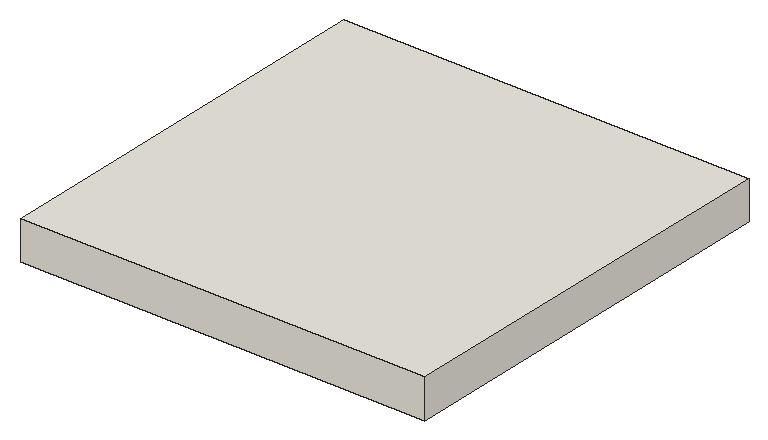
Revit family "UNIVERSAL", category Осветительные приборы, Revit 2019 (continued)
Types (12, lengths in mm): name | Файл фотометрической сетки | built-in parameter 1150105 | Lumens | built-in parameter 1150106 | built-in parameter 1150142 | Wattage | Emit from Rectangle Width | Emit from Rectangle Length | Длина | Ширина | ADSK_Ток | ADSK_Полная мощность | ADSK_Обозначение | ADSK_Номинальная мощность | ADSK_Наименование | ADSK_Код изделия
  CSVT Universal - 38/opal-sand 295х1195х55 (IP20, 4000К) | "Светильник UNIVERSAL-38 OPAL-SAND-(295x1195).IES" | 262.61 (stored number, unit not read) | 3300 lm | 2.6261 (stored number, unit not read) | "IESNA:LM-63-95\r\n[TEST] Протокол №81\r\n[DATA] 27.06.2016\r\n[MORE] \r\n[MANUFAC] ЗАО \"Центрстройсвет\"\r\n[LUMCAT]  Светильник UNIVERSAL-38/OPAL-SAND-(295x1195)\r\n[LUMINAIRE]\r\n[LAMPCAT] Светодиоды\r\n[LAMP] Поток источника света (светодиодов) не известен\r\n[MORE] КСС приведена в абсолютных величинах кд\r\n[MORE] Вместо потока лампы, указан поток светильника.\r\nTILT=NONE\r\n1    3220 1.0 37 73 1 2 0.295 1.195 0.055\r\n1.0 1.0 39.2\r\n0.0 5.0 10.0 15.0 20.0 25.0 30.0 35.0 40.0 45.0 50.0 55.0 60.0 65.0 70.0 75.0 80.0 85.0 90.0 95.0 100.0 105.0 110.0 115.0 120.0 125.0 130.0 135.0 140.0 145.0 150.0 155.0 160.0 165.0 170.0 175.0 180.0\r\n0.0 5.0 10.0 15.0 20.0 25.0 30.0 35.0 40.0 45.0 50.0 55.0 60.0 65.0 70.0 75.0 80.0 85.0 90.0 95.0 100.0 105.0 110.0 115.0 120.0 125.0 130.0 135.0 140.0 145.0 150.0 155.0 160.0 165.0 170.0 175.0 180.0 185.0 190.0 195.0 200.0 205.0 210.0 215.0 220.0 225.0 230.0 235.0 240.0 245.0 250.0 255.0 260.0 265.0 270.0 275.0 280.0 285.0 290.0 295.0 300.0 305.0 310.0 315.0 320.0 325.0 330.0 335.0 340.0 345.0 350.0 355.0 360.0\r\n1647.4 1638.8 1614.3 1555.5 1470.5 1340.8 1159.6 958.0 774.8 621.4 490.1 380.8 296.3 243.7 198.4 138.1 73.9 31.1 2.5 0.0 0.0 0.0 0.0 0.0 0.0 0.0 0.0 0.0 0.0 0.0 0.0 0.0 0.0 0.0 0.0 0.0 0.0\r\n1647.4 1640.3 1614.2 1556.9 1476.4 1341.1 1165.5 951.8 774.0 624.8 496.3 383.8 299.9 244.5 196.9 141.1 76.2 30.8 2.5 0.0 0.0 0.0 0.0 0.0 0.0 0.0 0.0 0.0 0.0 0.0 0.0 0.0 0.0 0.0 0.0 0.0 0.0\r\n1647.4 1641.7 1613.4 1560.2 1476.2 1345.9 1167.0 958.1 776.0 627.0 496.4 381.8 301.4 240.8 187.3 139.8 79.0 30.1 2.6 0.0 0.0 0.0 0.0 0.0 0.0 0.0 0.0 0.0 0.0 0.0 0.0 0.0 0.0 0.0 0.0 0.0 0.0\r\n1647.4 1643.3 1613.4 1561.4 1481.0 1344.9 1167.2 965.2 777.9 624.2 491.5 380.8 300.6 238.3 186.3 138.8 78.3 29.7 2.7 0.0 0.0 0.0 0.0 0.0 0.0 0.0 0.0 0.0 0.0 0.0 0.0 0.0 0.0 0.0 0.0 0.0 0.0\r\n1647.4 1645.3 1616.7 1562.5 1482.3 1352.0 1177.9 967.8 787.4 632.8 498.3 385.2 299.1 234.7 189.7 141.1 75.9 28.6 2.7 0.0 0.0 0.0 0.0 0.0 0.0 0.0 0.0 0.0 0.0 0.0 0.0 0.0 0.0 0.0 0.0 0.0 0.0\r\n1647.4 1646.8 1617.7 1562.3 1486.4 1357.6 1187.4 982.2 799.4 643.9 505.2 387.8 297.8 233.1 193.5 145.9 75.5 26.5 2.6 0.0 0.0 0.0 0.0 0.0 0.0 0.0 0.0 0.0 0.0 0.0 0.0 0.0 0.0 0.0 0.0 0.0 0.0\r\n1647.4 1646.5 1616.1 1569.3 1485.6 1369.9 1195.1 1005.7 814.6 658.0 512.6 389.3 298.6 237.4 195.2 144.6 73.9 24.6 2.5 0.0 0.0 0.0 0.0 0.0 0.0 0.0 0.0 0.0 0.0 0.0 0.0 0.0 0.0 0.0 0.0 0.0 0.0\r\n1647.4 1645.1 1617.9 1576.8 1496.2 1370.7 1209.1 1020.7 832.7 671.0 527.6 395.7 302.2 231.8 188.7 140.0 73.2 24.0 2.5 0.0 0.0 0.0 0.0 0.0 0.0 0.0 0.0 0.0 0.0 0.0 0.0 0.0 0.0 0.0 0.0 0.0 0.0\r\n1647.4 1644.2 1619.9 1578.6 1497.6 1383.6 1225.6 1034.1 844.8 683.7 540.6 407.6 307.7 231.0 184.7 133.5 72.6 24.0 2.4 0.0 0.0 0.0 0.0 0.0 0.0 0.0 0.0 0.0 0.0 0.0 0.0 0.0 0.0 0.0 0.0 0.0 0.0\r\n1647.4 1644.2 1622.1 1576.3 1499.8 1392.3 1237.4 1050.9 862.8 698.1 549.9 420.8 316.3 236.6 187.2 134.2 73.7 24.4 2.5 0.0 0.0 0.0 0.0 0.0 0.0 0.0 0.0 0.0 0.0 0.0 0.0 0.0 0.0 0.0 0.0 0.0 0.0\r\n1647.4 1644.4 1622.4 1580.2 1510.8 1406.0 1252.6 1070.7 877.6 711.6 561.5 429.6 327.3 240.9 192.5 140.4 77.2 26.0 2.6 0.0 0.0 0.0 0.0 0.0 0.0 0.0 0.0 0.0 0.0 0.0 0.0 0.0 0.0 0.0 0.0 0.0 0.0\r\n1647.4 1644.6 1624.5 1582.8 1514.3 1408.2 1270.0 1092.0 900.2 724.1 564.8 435.7 335.4 251.5 194.8 147.8 86.7 30.0 3.0 0.0 0.0 0.0 0.0 0.0 0.0 0.0 0.0 0.0 0.0 0.0 0.0 0.0 0.0 0.0 0.0 0.0 0.0\r\n1647.4 1644.5 1626.6 1585.2 1522.5 1417.2 1283.1 1104.9 912.4 728.8 565.0 439.7 338.7 258.3 201.1 153.9 93.9 35.5 3.5 0.0 0.0 0.0 0.0 0.0 0.0 0.0 0.0 0.0 0.0 0.0 0.0 0.0 0.0 0.0 0.0 0.0 0.0\r\n1647.4 1644.7 1626.5 1587.2 1522.8 1424.9 1291.7 1122.3 919.6 724.4 564.2 435.7 337.5 259.8 201.8 153.2 94.7 39.0 3.7 0.0 0.0 0.0 0.0 0.0 0.0 0.0 0.0 0.0 0.0 0.0 0.0 0.0 0.0 0.0 0.0 0.0 0.0\r\n1647.4 1645.1 1625.9 1589.2 1525.7 1431.5 1305.1 1136.5 923.3 725.8 563.0 431.0 336.6 258.5 201.7 150.1 88.9 39.0 3.5 0.0 0.0 0.0 0.0 0.0 0.0 0.0 0.0 0.0 0.0 0.0 0.0 0.0 0.0 0.0 0.0 0.0 0.0\r\n1647.4 1645.1 1621.9 1587.6 1525.0 1433.3 1312.6 1138.3 921.7 731.1 560.1 424.1 328.1 257.2 202.2 148.6 88.6 38.1 3.5 0.0 0.0 0.0 0.0 0.0 0.0 0.0 0.0 0.0 0.0 0.0 0.0 0.0 0.0 0.0 0.0 0.0 0.0\r\n1647.4 1644.6 1620.9 1586.3 1532.5 1442.8 1314.7 1147.3 923.1 729.7 561.7 419.0 318.6 253.7 201.3 146.6 89.6 38.8 3.6 0.0 0.0 0.0 0.0 0.0 0.0 0.0 0.0 0.0 0.0 0.0 0.0 0.0 0.0 0.0 0.0 0.0 0.0\r\n1647.4 1643.7 1624.1 1588.8 1535.0 1437.1 1310.2 1138.9 926.3 733.0 559.9 415.5 311.8 245.3 193.9 141.8 89.7 40.4 3.3 0.0 0.0 0.0 0.0 0.0 0.0 0.0 0.0 0.0 0.0 0.0 0.0 0.0 0.0 0.0 0.0 0.0 0.0\r\n1647.4 1642.5 1622.9 1589.3 1535.5 1447.0 1316.2 1127.3 922.9 733.3 561.7 418.1 309.9 235.6 185.5 140.8 90.1 40.6 3.1 0.0 0.0 0.0 0.0 0.0 0.0 0.0 0.0 0.0 0.0 0.0 0.0 0.0 0.0 0.0 0.0 0.0 0.0\r\n1647.4 1641.3 1619.1 1588.0 1532.1 1442.6 1312.4 1140.0 941.6 746.8 571.5 427.7 314.8 237.8 181.0 138.2 88.3 39.6 2.8 0.0 0.0 0.0 0.0 0.0 0.0 0.0 0.0 0.0 0.0 0.0 0.0 0.0 0.0 0.0 0.0 0.0 0.0\r\n1647.4 1640.7 1621.3 1584.2 1526.6 1438.7 1314.2 1144.5 948.9 748.5 578.0 436.8 326.9 244.9 182.4 133.9 87.9 39.1 2.5 0.0 0.0 0.0 0.0 0.0 0.0 0.0 0.0 0.0 0.0 0.0 0.0 0.0 0.0 0.0 0.0 0.0 0.0\r\n1647.4 1640.1 1620.3 1586.2 1532.5 1437.6 1314.9 1143.5 954.9 756.4 586.7 445.6 335.0 252.0 182.0 132.4 88.8 38.4 2.5 0.0 0.0 0.0 0.0 0.0 0.0 0.0 0.0 0.0 0.0 0.0 0.0 0.0 0.0 0.0 0.0 0.0 0.0\r\n1647.4 1639.3 1619.1 1584.5 1526.1 1439.1 1310.3 1141.8 955.5 761.2 591.0 450.2 336.0 248.5 178.6 135.0 89.3 36.3 2.3 0.0 0.0 0.0 0.0 0.0 0.0 0.0 0.0 0.0 0.0 0.0 0.0 0.0 0.0 0.0 0.0 0.0 0.0\r\n1647.4 1637.9 1620.8 1583.7 1521.1 1436.3 1299.4 1135.2 950.8 765.2 593.7 443.5 328.4 241.9 179.3 136.9 87.4 34.0 1.8 0.0 0.0 0.0 0.0 0.0 0.0 0.0 0.0 0.0 0.0 0.0 0.0 0.0 0.0 0.0 0.0 0.0 0.0\r\n1647.4 1636.0 1623.9 1584.7 1522.4 1427.0 1290.0 1130.0 938.9 762.2 588.0 432.4 319.3 235.3 177.2 134.2 84.6 29.7 1.3 0.0 0.0 0.0 0.0 0.0 0.0 0.0 0.0 0.0 0.0 0.0 0.0 0.0 0.0 0.0 0.0 0.0 0.0\r\n1647.4 1634.3 1623.1 1580.2 1512.4 1418.3 1282.6 1102.2 920.0 745.1 577.7 424.2 311.9 228.7 171.4 130.0 77.8 25.3 1.0 0.0 0.0 0.0 0.0 0.0 0.0 0.0 0.0 0.0 0.0 0.0 0.0 0.0 0.0 0.0 0.0 0.0 0.0\r\n1647.4 1633.5 1621.7 1580.0 1516.6 1411.5 1267.6 1082.7 895.4 720.3 555.3 412.9 311.2 225.7 170.6 125.2 73.5 23.5 0.8 0.0 0.0 0.0 0.0 0.0 0.0 0.0 0.0 0.0 0.0 0.0 0.0 0.0 0.0 0.0 0.0 0.0 0.0\r\n1647.4 1633.6 1623.0 1584.5 1514.6 1411.0 1253.5 1061.7 864.9 687.6 527.8 400.6 309.1 224.0 168.1 124.5 71.7 23.7 0.6 0.0 0.0 0.0 0.0 0.0 0.0 0.0 0.0 0.0 0.0 0.0 0.0 0.0 0.0 0.0 0.0 0.0 0.0\r\n1647.4 1633.4 1622.9 1578.5 1509.2 1400.6 1233.0 1035.7 836.9 657.8 504.0 389.0 300.8 221.6 165.9 124.9 73.3 24.7 0.5 0.0 0.0 0.0 0.0 0.0 0.0 0.0 0.0 0.0 0.0 0.0 0.0 0.0 0.0 0.0 0.0 0.0 0.0\r\n1647.4 1632.7 1621.5 1574.0 1506.6 1391.3 1217.3 1006.4 814.2 628.9 486.0 373.0 289.9 217.7 167.0 125.5 76.4 24.6 0.5 0.0 0.0 0.0 0.0 0.0 0.0 0.0 0.0 0.0 0.0 0.0 0.0 0.0 0.0 0.0 0.0 0.0 0.0\r\n1647.4 1632.3 1618.0 1576.3 1501.3 1381.9 1196.6 983.0 787.3 607.5 468.2 359.9 276.3 214.3 170.7 126.6 74.5 24.5 0.4 0.0 0.0 0.0 0.0 0.0 0.0 0.0 0.0 0.0 0.0 0.0 0.0 0.0 0.0 0.0 0.0 0.0 0.0\r\n1647.4 1632.3 1618.8 1578.1 1497.2 1376.5 1185.3 967.6 766.4 596.2 459.9 351.3 272.5 218.6 176.4 129.6 74.6 23.8 0.4 0.0 0.0 0.0 0.0 0.0 0.0 0.0 0.0 0.0 0.0 0.0 0.0 0.0 0.0 0.0 0.0 0.0 0.0\r\n1647.4 1632.9 1618.0 1575.2 1490.8 1366.1 1172.1 954.6 755.4 589.5 453.8 346.6 272.0 217.2 173.2 128.1 74.4 25.1 0.3 0.0 0.0 0.0 0.0 0.0 0.0 0.0 0.0 0.0 0.0 0.0 0.0 0.0 0.0 0.0 0.0 0.0 0.0\r\n1647.4 1633.7 1617.4 1572.5 1488.8 1355.8 1163.2 943.0 748.3 589.3 458.0 351.3 277.6 223.7 177.3 131.1 77.5 27.3 0.3 0.0 0.0 0.0 0.0 0.0 0.0 0.0 0.0 0.0 0.0 0.0 0.0 0.0 0.0 0.0 0.0 0.0 0.0\r\n1647.4 1634.3 1617.9 1562.7 1483.1 1346.3 1153.2 941.5 747.9 593.2 461.7 359.2 286.9 234.6 184.6 136.2 78.6 27.7 0.3 0.0 0.0 0.0 0.0 0.0 0.0 0.0 0.0 0.0 0.0 0.0 0.0 0.0 0.0 0.0 0.0 0.0 0.0\r\n1647.4 1634.8 1611.6 1559.3 1478.5 1340.7 1149.6 938.8 743.0 592.9 464.6 362.5 291.3 236.0 182.5 130.6 70.8 25.6 0.3 0.0 0.0 0.0 0.0 0.0 0.0 0.0 0.0 0.0 0.0 0.0 0.0 0.0 0.0 0.0 0.0 0.0 0.0\r\n1647.4 1635.0 1610.4 1552.8 1468.8 1339.0 1145.3 943.2 753.3 599.3 468.0 363.0 288.4 227.6 171.4 121.1 64.5 23.5 0.2 0.0 0.0 0.0 0.0 0.0 0.0 0.0 0.0 0.0 0.0 0.0 0.0 0.0 0.0 0.0 0.0 0.0 0.0\r\n1647.4 1635.4 1609.8 1551.4 1469.9 1330.1 1151.1 955.0 768.0 607.4 478.0 366.8 284.7 228.3 170.0 118.2 61.8 22.5 0.2 0.0 0.0 0.0 0.0 0.0 0.0 0.0 0.0 0.0 0.0 0.0 0.0 0.0 0.0 0.0 0.0 0.0 0.0\r\n1647.4 1635.5 1608.4 1554.2 1470.2 1333.8 1150.7 961.0 776.7 615.8 491.2 366.5 278.9 227.3 177.0 121.7 62.1 23.0 0.2 0.0 0.0 0.0 0.0 0.0 0.0 0.0 0.0 0.0 0.0 0.0 0.0 0.0 0.0 0.0 0.0 0.0 0.0\r\n1647.4 1634.3 1611.4 1559.3 1471.9 1334.9 1157.2 971.7 788.9 625.3 497.6 376.4 283.7 228.4 183.2 125.7 65.1 24.2 0.2 0.0 0.0 0.0 0.0 0.0 0.0 0.0 0.0 0.0 0.0 0.0 0.0 0.0 0.0 0.0 0.0 0.0 0.0\r\n1647.4 1632.7 1611.8 1555.1 1465.1 1333.7 1153.2 979.2 794.0 632.4 498.8 385.6 295.8 233.0 185.4 127.7 67.6 25.1 0.2 0.0 0.0 0.0 0.0 0.0 0.0 0.0 0.0 0.0 0.0 0.0 0.0 0.0 0.0 0.0 0.0 0.0 0.0\r\n1647.4 1631.8 1609.2 1553.5 1465.7 1331.2 1160.4 977.5 797.5 638.8 505.1 398.5 307.4 237.4 184.4 128.1 68.7 26.2 0.3 0.0 0.0 0.0 0.0 0.0 0.0 0.0 0.0 0.0 0.0 0.0 0.0 0.0 0.0 0.0 0.0 0.0 0.0\r\n1647.4 1630.7 1609.5 1555.7 1473.2 1337.8 1161.4 990.3 815.0 660.0 524.0 416.8 326.2 250.1 185.7 125.2 68.6 27.3 0.3 0.0 0.0 0.0 0.0 0.0 0.0 0.0 0.0 0.0 0.0 0.0 0.0 0.0 0.0 0.0 0.0 0.0 0.0\r\n1647.4 1629.4 1608.1 1555.0 1467.2 1337.8 1169.0 995.7 832.8 678.8 541.0 424.7 334.2 256.8 186.2 122.2 65.6 28.0 0.3 0.0 0.0 0.0 0.0 0.0 0.0 0.0 0.0 0.0 0.0 0.0 0.0 0.0 0.0 0.0 0.0 0.0 0.0\r\n1647.4 1629.6 1607.2 1557.7 1471.9 1341.6 1177.6 1011.6 848.7 698.1 543.5 425.7 337.2 259.7 187.0 121.6 60.8 27.6 0.4 0.0 0.0 0.0 0.0 0.0 0.0 0.0 0.0 0.0 0.0 0.0 0.0 0.0 0.0 0.0 0.0 0.0 0.0\r\n1647.4 1631.9 1608.5 1561.2 1477.5 1346.7 1186.5 1023.4 866.8 715.2 556.6 432.9 341.0 256.3 183.9 115.7 58.3 26.0 0.4 0.0 0.0 0.0 0.0 0.0 0.0 0.0 0.0 0.0 0.0 0.0 0.0 0.0 0.0 0.0 0.0 0.0 0.0\r\n1647.4 1634.8 1608.6 1559.7 1479.3 1345.9 1194.9 1031.5 876.7 724.3 576.8 444.7 348.0 258.1 185.5 114.7 58.3 24.1 0.4 0.0 0.0 0.0 0.0 0.0 0.0 0.0 0.0 0.0 0.0 0.0 0.0 0.0 0.0 0.0 0.0 0.0 0.0\r\n1647.4 1635.9 1608.1 1557.7 1479.5 1355.2 1200.2 1038.0 877.9 732.1 592.6 463.1 359.4 267.3 193.1 118.2 58.8 22.2 0.5 0.0 0.0 0.0 0.0 0.0 0.0 0.0 0.0 0.0 0.0 0.0 0.0 0.0 0.0 0.0 0.0 0.0 0.0\r\n1647.4 1635.3 1610.1 1558.0 1484.2 1360.4 1204.2 1038.2 878.3 736.2 598.4 470.5 370.9 279.7 203.2 127.5 62.5 22.0 0.5 0.0 0.0 0.0 0.0 0.0 0.0 0.0 0.0 0.0 0.0 0.0 0.0 0.0 0.0 0.0 0.0 0.0 0.0\r\n1647.4 1635.5 1612.7 1563.5 1486.5 1366.7 1211.5 1041.1 878.4 733.0 603.0 471.6 373.3 294.2 215.0 139.1 71.0 24.6 0.6 0.0 0.0 0.0 0.0 0.0 0.0 0.0 0.0 0.0 0.0 0.0 0.0 0.0 0.0 0.0 0.0 0.0 0.0\r\n1647.4 1638.0 1616.3 1567.6 1494.8 1373.7 1212.1 1043.5 875.4 731.5 601.0 471.5 375.0 297.5 226.5 153.1 82.5 30.0 0.7 0.0 0.0 0.0 0.0 0.0 0.0 0.0 0.0 0.0 0.0 0.0 0.0 0.0 0.0 0.0 0.0 0.0 0.0\r\n1647.4 1641.9 1615.3 1568.7 1497.6 1377.6 1212.1 1044.7 872.1 723.2 589.3 467.7 372.6 293.9 232.5 167.2 93.3 35.5 0.9 0.0 0.0 0.0 0.0 0.0 0.0 0.0 0.0 0.0 0.0 0.0 0.0 0.0 0.0 0.0 0.0 0.0 0.0\r\n1647.4 1645.3 1616.7 1572.2 1503.6 1383.2 1213.9 1047.4 879.5 716.7 575.1 459.6 370.7 291.8 228.8 174.9 102.5 41.1 1.1 0.0 0.0 0.0 0.0 0.0 0.0 0.0 0.0 0.0 0.0 0.0 0.0 0.0 0.0 0.0 0.0 0.0 0.0\r\n1647.4 1646.9 1619.0 1578.5 1505.3 1390.1 1213.1 1058.7 880.5 718.1 568.8 449.6 364.7 292.7 226.0 168.1 105.8 45.0 1.2 0.0 0.0 0.0 0.0 0.0 0.0 0.0 0.0 0.0 0.0 0.0 0.0 0.0 0.0 0.0 0.0 0.0 0.0\r\n1647.4 1647.2 1620.8 1580.2 1507.1 1392.8 1222.4 1056.1 884.9 720.3 568.2 442.0 356.8 291.2 229.2 164.2 101.6 43.5 1.3 0.0 0.0 0.0 0.0 0.0 0.0 0.0 0.0 0.0 0.0 0.0 0.0 0.0 0.0 0.0 0.0 0.0 0.0\r\n1647.4 1646.5 1621.5 1578.0 1505.9 1386.9 1239.8 1065.1 892.4 723.2 564.2 439.8 349.2 286.5 228.9 164.8 100.9 41.6 1.4 0.0 0.0 0.0 0.0 0.0 0.0 0.0 0.0 0.0 0.0 0.0 0.0 0.0 0.0 0.0 0.0 0.0 0.0\r\n1647.4 1645.3 1622.7 1577.8 1506.7 1392.9 1246.9 1076.3 895.9 731.8 574.2 446.4 346.4 281.7 226.1 164.0 99.7 40.5 1.6 0.0 0.0 0.0 0.0 0.0 0.0 0.0 0.0 0.0 0.0 0.0 0.0 0.0 0.0 0.0 0.0 0.0 0.0\r\n1647.4 1643.7 1619.3 1570.2 1500.4 1387.6 1260.4 1090.6 907.2 738.9 585.5 455.8 347.0 273.8 216.1 159.6 96.5 38.4 1.6 0.0 0.0 0.0 0.0 0.0 0.0 0.0 0.0 0.0 0.0 0.0 0.0 0.0 0.0 0.0 0.0 0.0 0.0\r\n1647.4 1642.2 1615.2 1567.3 1498.9 1389.6 1266.6 1102.8 920.3 748.4 596.9 465.4 352.8 270.1 203.4 152.5 91.1 37.9 1.5 0.0 0.0 0.0 0.0 0.0 0.0 0.0 0.0 0.0 0.0 0.0 0.0 0.0 0.0 0.0 0.0 0.0 0.0\r\n1647.4 1641.4 1612.6 1568.7 1490.2 1383.2 1261.4 1110.1 940.7 766.3 612.0 474.4 354.6 265.5 197.9 146.8 89.4 38.8 1.6 0.0 0.0 0.0 0.0 0.0 0.0 0.0 0.0 0.0 0.0 0.0 0.0 0.0 0.0 0.0 0.0 0.0 0.0\r\n1647.4 1641.3 1612.1 1566.8 1493.9 1381.6 1255.0 1114.5 949.8 780.3 613.8 475.5 355.6 261.8 198.0 142.0 84.7 38.2 1.5 0.0 0.0 0.0 0.0 0.0 0.0 0.0 0.0 0.0 0.0 0.0 0.0 0.0 0.0 0.0 0.0 0.0 0.0\r\n1647.4 1641.4 1612.9 1563.9 1491.6 1378.3 1250.9 1106.5 952.6 788.2 614.4 470.7 351.5 261.6 199.7 136.1 80.4 37.9 1.5 0.0 0.0 0.0 0.0 0.0 0.0 0.0 0.0 0.0 0.0 0.0 0.0 0.0 0.0 0.0 0.0 0.0 0.0\r\n1647.4 1641.6 1610.8 1560.4 1481.3 1370.6 1239.2 1095.4 944.4 778.4 612.3 463.3 351.3 260.3 198.3 135.2 82.3 37.7 1.5 0.0 0.0 0.0 0.0 0.0 0.0 0.0 0.0 0.0 0.0 0.0 0.0 0.0 0.0 0.0 0.0 0.0 0.0\r\n1647.4 1642.4 1612.6 1560.8 1481.8 1369.6 1235.8 1082.3 922.5 756.4 594.9 463.6 346.2 259.5 195.6 136.2 86.2 38.1 1.5 0.0 0.0 0.0 0.0 0.0 0.0 0.0 0.0 0.0 0.0 0.0 0.0 0.0 0.0 0.0 0.0 0.0 0.0\r\n1647.4 1643.6 1608.1 1558.4 1481.8 1364.2 1226.0 1067.7 898.0 730.7 582.0 455.5 342.6 255.0 195.6 140.8 88.9 39.3 1.7 0.0 0.0 0.0 0.0 0.0 0.0 0.0 0.0 0.0 0.0 0.0 0.0 0.0 0.0 0.0 0.0 0.0 0.0\r\n1647.4 1644.6 1605.2 1558.5 1478.3 1357.5 1204.2 1046.0 871.4 704.7 557.6 433.3 330.6 252.8 196.5 146.8 92.6 39.9 1.8 0.0 0.0 0.0 0.0 0.0 0.0 0.0 0.0 0.0 0.0 0.0 0.0 0.0 0.0 0.0 0.0 0.0 0.0\r\n1647.4 1644.8 1606.3 1560.9 1474.2 1353.5 1200.6 1030.4 848.9 679.1 535.7 411.9 317.7 250.5 198.4 151.4 94.9 41.0 1.9 0.0 0.0 0.0 0.0 0.0 0.0 0.0 0.0 0.0 0.0 0.0 0.0 0.0 0.0 0.0 0.0 0.0 0.0\r\n1647.4 1643.6 1606.8 1555.4 1479.9 1349.8 1190.5 1013.7 829.2 661.9 515.6 394.5 309.1 245.4 198.3 151.9 94.2 39.4 2.0 0.0 0.0 0.0 0.0 0.0 0.0 0.0 0.0 0.0 0.0 0.0 0.0 0.0 0.0 0.0 0.0 0.0 0.0\r\n1647.4 1641.6 1607.7 1554.8 1472.7 1351.4 1184.0 1003.4 807.8 645.1 504.9 387.8 305.4 246.7 201.7 151.3 91.1 36.0 2.1 0.0 0.0 0.0 0.0 0.0 0.0 0.0 0.0 0.0 0.0 0.0 0.0 0.0 0.0 0.0 0.0 0.0 0.0\r\n1647.4 1639.1 1611.1 1555.5 1474.4 1349.4 1181.6 993.8 793.7 635.1 495.3 380.2 301.2 248.8 205.0 150.6 85.2 33.3 2.3 0.0 0.0 0.0 0.0 0.0 0.0 0.0 0.0 0.0 0.0 0.0 0.0 0.0 0.0 0.0 0.0 0.0 0.0\r\n1647.4 1637.5 1614.5 1557.6 1472.9 1345.5 1173.0 975.5 783.4 627.9 488.5 380.3 297.6 248.3 202.8 145.6 78.3 32.2 2.4 0.0 0.0 0.0 0.0 0.0 0.0 0.0 0.0 0.0 0.0 0.0 0.0 0.0 0.0 0.0 0.0 0.0 0.0\r\n1647.4 1637.5 1615.7 1555.7 1476.1 1340.3 1162.4 965.0 775.9 622.0 487.4 380.6 295.0 242.4 196.8 138.8 74.6 31.5 2.4 0.0 0.0 0.0 0.0 0.0 0.0 0.0 0.0 0.0 0.0 0.0 0.0 0.0 0.0 0.0 0.0 0.0 0.0\r\n1647.4 1638.8 1614.3 1555.5 1470.5 1340.8 1159.6 958.0 774.8 621.4 490.1 380.8 296.3 243.7 198.4 138.1 73.9 31.1 2.5 0.0 0.0 0.0 0.0 0.0 0.0 0.0 0.0 0.0 0.0 0.0 0.0 0.0 0.0 0.0 0.0 0.0 0.0\r\n" | 22.2159 W | 255 | 1155 | 1195 | 295 | 0.179584 A | 41.3043 VA | "CSVT Universal - 38/opal-sand 295х1195х55 (IP20, 4000К)" | 38 W | "Универсальный светодиодный светильник CSVT Universal - 38/opal-sand 295х1195х55 (IP20, 4000К)" | "ЦБ000007907"
